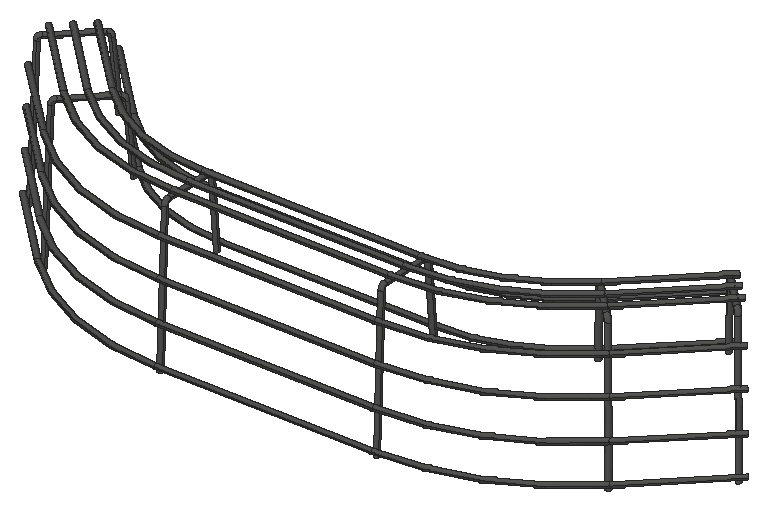
Revit family "Accessory-Sink-KOHLER-Whitby-K-8940", category Specialty Equipment, host Face, Revit 2015
Parameters
  Width = 8 7/32"  # constant formula
  URL = "https://www.us.kohler.com/us/"
  Product Page URL = "http://www.us.kohler.com/us/catalog/productDetails.jsp?productNumber=8940"
  Product Name = "Whitby"  # constant formula
  Product Documentation Link = "http://www.us.kohler.com/onlinecatalog/pdf/K-8940_spec.pdf"
  Model = "K-8940-NA"  # constant formula
  Material = "Durable Coated Wire Construction"  # constant formula
  MasterFormat 2004 = "10.28.13"  # constant formula
  MasterFormat 1995 = "10820"  # constant formula
  Manufacturer Address = "444 Highland Dr, Kohler, WI 53044"  # constant formula
  Manufacturer = "KOHLER Co."  # constant formula
  Length = 28 1/2"  # constant formula
  Height = 6 3/16"  # constant formula
  Finish = Kohler-Metal-7-Black_Black
  Environmental Product Declaration = ""
  Description = "Sink rim guard coated wire"  # constant formula
  Default Elevation = 42"
  Declare Label = ""
  Date Modified = "02/27/2018"  # constant formula
  Date Created = "02/27/2018"  # constant formula
  Copyright = "Copyright KOHLER Co."  # constant formula
  Contact Us = "https://www.us.kohler.com/us/static/contact.jsp"
  Assembly Code = "C1030200"
  ADA = no
Reference planes (in)
  plane 1 "Center (Front/Back)": y = 0
  plane 2: z = 0
  plane 3 "Center (Left/Right)": x = 0
  plane 4: y = 4.11082
  plane 5: y = -4.10793
  plane 6: x = -14.252
  plane 7: x = 14.248
  plane 8: z = 6.1875
Dimensions and locks (in)
  "Length": plane 6 to plane 7
  "Width": plane 5 to plane 4
  "Height": plane 8 to level
  aligned and locked: plane 2 to host face
  aligned and locked: level to host face
Automatic sketch dimensions
  host sketch curve to host sketch curve = 96"  (x2)
Nested families (in)
  nested 1: "K-8940" at (0, 0.05704, 5.99392), type "K-8940"
Definition of nested family "K-8940"
  Parameters (values of type "K-8940")
    Material = none
  Reference planes (in)
    plane 1 "Center (Front/Back)": y = 0
    plane 2: z = 0
    plane 3 "Center (Left/Right)": x = 0
    plane 4 "A": x = -4.23116
    plane 5 "B": x = 4.23116
    plane 6 "E": through (-11.66485, 3.93329, 48) normal (0.7071, -0.7071, 0)
    plane 7 "C": through (-5.14508, 4.79618, 48) normal (0.7071, -0.7071, 0)
    plane 8 "F": through (11.66485, 3.93329, 48) normal (0.7071, 0.7071, 0)
    plane 9 "D": through (5.14508, 4.79618, 48) normal (0.7071, 0.7071, 0)
  Forms (in)
    Sweep 1, solid, material <- "Material"
      path origin (-4.23116, 0, 0) x (0, -1, 0) y (0, 0, 1)
        loop
          line (1.14347, -2.97599) -> (1.38269, -0.23564)
          arc (1.38269, -0.23564) -> (1.4325, -0.13459) -> (1.5375, -0.09375) r 0.1554
          line (1.5375, -0.09375) -> (3.52582, -0.09375)
          arc (3.52582, -0.09375) -> (3.63423, -0.13747) -> (3.68196, -0.24418) r 0.15625
          line (3.68196, -0.24418) -> (3.89613, -5.98815)
      profile origin (-4.23116, -2.53166, -0.09375) x (0, 0, 1) y (-1, 0, 0)
        loop
          circle (0, 0) r 0.09375
    Sweep 2, solid, material <- "Material"
      path origin (4.23116, 0, 0) x (0, -1, 0) y (0, 0, 1)
        loop
          line (1.14347, -2.97599) -> (1.38269, -0.23564)
          arc (1.38269, -0.23564) -> (1.4325, -0.13459) -> (1.5375, -0.09375) r 0.1554
          line (1.5375, -0.09375) -> (3.52582, -0.09375)
          arc (3.52582, -0.09375) -> (3.63423, -0.13747) -> (3.68196, -0.24418) r 0.15625
          line (3.68196, -0.24418) -> (3.89613, -5.98815)
      profile origin (4.23116, -2.53166, -0.09375) x (0, 0, -1) y (1, 0, 0)
        loop
          circle (0, 0) r 0.09375
    Sweep 3, solid, material <- "Material"
      path origin (-4.97063, 4.97063, 0) x (0.707107, 0.707107, 0) y (0, 0, 1)
        loop
          line (-5.80682, -2.97889) -> (-6.04604, -0.23854)
          arc (-6.04604, -0.23854) -> (-6.09586, -0.13748) -> (-6.20086, -0.09665) r 0.1554
          line (-6.20086, -0.09665) -> (-8.18918, -0.09665)
          arc (-8.18918, -0.09665) -> (-8.29758, -0.14037) -> (-8.34532, -0.24707) r 0.15625
          line (-8.34532, -0.24707) -> (-8.55949, -5.99104)
      profile origin (-10.05827, -0.11702, -0.09665) x (0, 0, -1) y (0.707107, -0.707107, 0)
        loop
          circle (0, 0) r 0.09665
    Sweep 4, solid, material <- "Material"
      path origin (4.97063, 4.97063, 0) x (-0.707107, 0.707107, 0) y (0, 0, 1)
        loop
          line (-5.80676, -2.97889) -> (-6.04599, -0.23854)
          arc (-6.04599, -0.23854) -> (-6.0958, -0.13748) -> (-6.2008, -0.09665) r 0.1554
          line (-6.2008, -0.09665) -> (-8.18912, -0.09665)
          arc (-8.18912, -0.09665) -> (-8.29753, -0.14037) -> (-8.34526, -0.24707) r 0.15625
          line (-8.34526, -0.24707) -> (-8.55943, -5.99104)
      profile origin (10.05823, -0.11698, -0.09665) x (0, 0, 1) y (-0.707107, -0.707107, 0)
        loop
          circle (0, 0) r 0.09665
    Sweep 5, solid, material <- "Material"
      path origin (-7.79907, 7.79907, 0) x (0.707107, 0.707107, 0) y (0, 0, 1)
        loop
          line (-5.80682, -2.97889) -> (-6.04604, -0.23854)
          arc (-6.04604, -0.23854) -> (-6.09586, -0.13748) -> (-6.20086, -0.09665) r 0.1554
          line (-6.20086, -0.09665) -> (-8.18918, -0.09665)
          arc (-8.18918, -0.09665) -> (-8.29758, -0.14037) -> (-8.34532, -0.24707) r 0.15625
          line (-8.34532, -0.24707) -> (-8.55949, -5.99104)
      profile origin (-12.88671, 2.71142, -0.09665) x (0, 0, -1) y (0.707107, -0.707107, 0)
        loop
          circle (0, 0) r 0.09665
    Sweep 6, solid, material <- "Material"
      path origin (7.79907, 7.79907, 0) x (-0.707107, 0.707107, 0) y (0, 0, 1)
        loop
          line (-5.80676, -2.97889) -> (-6.04599, -0.23854)
          arc (-6.04599, -0.23854) -> (-6.0958, -0.13748) -> (-6.2008, -0.09665) r 0.1554
          line (-6.2008, -0.09665) -> (-8.18912, -0.09665)
          arc (-8.18912, -0.09665) -> (-8.29753, -0.14037) -> (-8.34526, -0.24707) r 0.15625
          line (-8.34526, -0.24707) -> (-8.55943, -5.99104)
      profile origin (12.88667, 2.71146, -0.09665) x (0, 0, 1) y (-0.707107, -0.707107, 0)
        loop
          circle (0, 0) r 0.09665
    Sweep 7, solid, material <- "Material"
      path origin (0, 0, 0) x (1, 0, 0) y (0, 1, 0)
        loop
          line (-12.08014, 3.87151) -> (-9.077, 0.86836)
          arc (-9.077, 0.86836) -> (-6.8486, -0.62061) -> (-4.22002, -1.14347) r 6.8688
          line (-4.22002, -1.14347) -> (4.22069, -1.14347)
          arc (4.22069, -1.14347) -> (6.84865, -0.62073) -> (9.07652, 0.86789) r 6.86719
          line (9.07652, 0.86789) -> (12.08014, 3.87151)
      profile origin (0.00033, -1.14347, 0) x (0, 1, 0) y (0, 0, 1)
        loop
          circle (0.00195, -0.85741) r 0.09295
        loop
          circle (0.16483, -2.71057) r 0.09295
    Sweep 8, solid, material <- "Material"
      path origin (0, 0, 0) x (1, 0, 0) y (0, 1, 0)
        loop
          line (-12.5385, 3.41314) -> (-9.53387, 0.40851)
          arc (-9.53387, 0.40851) -> (-7.1007, -1.21728) -> (-4.23057, -1.78819) r 7.5
          line (-4.23057, -1.78819) -> (4.23057, -1.78819)
          arc (4.23057, -1.78819) -> (7.1007, -1.21728) -> (9.53387, 0.40851) r 7.5
          line (9.53387, 0.40851) -> (12.5385, 3.41314)
      profile origin (0, -1.78819, 0) x (0, 1, 0) y (0, 0, 1)
        loop
          circle (0, 0.09337) r 0.0941
        loop
          circle (-0.75, 0.09337) r 0.0941
        loop
          circle (-1.5, 0.09337) r 0.0941
    Sweep 9, solid, material <- "Material"
      path origin (0, 0, 0) x (1, 0, 0) y (0, 1, 0)
        loop
          line (-14.04354, 1.90811) -> (-11.03366, -1.10177)
          arc (-11.03366, -1.10177) -> (-7.9151, -3.18552) -> (-4.23652, -3.91724) r 9.61261
          line (-4.23652, -3.91724) -> (4.23624, -3.91724)
          arc (4.23624, -3.91724) -> (7.91508, -3.18547) -> (11.03386, -1.10157) r 9.61328
          line (11.03386, -1.10157) -> (14.04354, 1.90811)
      profile origin (-0.00014, -3.91724, 0) x (0, 1, 0) y (0, 0, 1)
        loop
          circle (0, -1.23733) r 0.09333
        loop
          circle (-0.05111, -2.71037) r 0.09333
        loop
          circle (-0.10494, -4.23533) r 0.09333
        loop
          circle (-0.15729, -5.73442) r 0.09333
  Cuts and joins
    joined: Sweep 5, Sweep 6, Sweep 7, Sweep 8, Sweep 9
    joined: Sweep 1, Sweep 2, Sweep 3, Sweep 4
  Lines and regions (in)
    Masking region 1
      outline origin (0, 0, 0) x (0, 1, 0) y (0, 0, 1)
        loop
          spline (3.41314, -0.00073) -> (3.43037, 0.00248) -> (3.44641, 0.01188) -> (3.4602, 0.02683) -> (3.47077, 0.04632) -> (3.47742, 0.06902) -> (3.47968, 0.09337) -> (3.47742, 0.11773) -> (3.47077, 0.14042) -> (3.4602, 0.15991) -> (3.44641, 0.17487) -> (3.43037, 0.18427) -> (3.41314, 0.18747)
          line (3.41314, 0.18747) -> (-3.28856, 0.18747)
          arc (-3.28856, 0.18747) -> (-3.3823, 0.09374) -> (-3.28856, 0) r 0.09374
          line (-3.28856, 0) -> (-3.52371, 0)
          arc (-3.52371, 0) -> (-3.69834, -0.06792) -> (-3.77557, -0.23865) r 0.24792
          line (-3.77557, -0.23865) -> (-3.80933, -1.14399) -> (-3.91759, -1.14399)
          arc (-3.91759, -1.14399) -> (-4.01092, -1.23733) -> (-3.91759, -1.33066) r 0.09333
          line (-3.91759, -1.33066) -> (-3.81629, -1.33066) -> (-3.86425, -2.61704) -> (-3.96786, -2.61704)
          arc (-3.96786, -2.61704) -> (-4.06119, -2.71037) -> (-3.96786, -2.80371) r 0.09333
          line (-3.96786, -2.80371) -> (-3.87121, -2.80371) -> (-3.92111, -4.142) -> (-4.02141, -4.142)
          arc (-4.02141, -4.142) -> (-4.11475, -4.23533) -> (-4.02141, -4.32866) r 0.09333
          line (-4.02141, -4.32866) -> (-3.92807, -4.32866) -> (-3.97701, -5.64109) -> (-4.07437, -5.64109)
          arc (-4.07437, -5.64109) -> (-4.16771, -5.73442) -> (-4.07437, -5.82775) r 0.09333
          line (-4.07437, -5.82775) -> (-3.98397, -5.82775) -> (-3.98982, -5.98465) -> (-3.80245, -5.99164) -> (-3.79634, -5.82775) -> (-1.17419, -5.82775) -> (-1.17842, -5.9885)
          spline (-1.17842, -5.9885) -> (-1.17514, -5.98924) -> (-1.16551, -5.99011) -> (-1.15017, -5.99104) -> (-1.13017, -5.99198) -> (-1.10687, -5.99284) -> (-1.08187, -5.99359) -> (-1.05686, -5.99416) -> (-1.03356, -5.99452) -> (-1.01354, -5.99465) -> (-0.99817, -5.99452) -> (-0.9885, -5.99416) -> (-0.98519, -5.99359)
          line (-0.98519, -5.99359) -> (-0.98083, -5.82775) -> (1.65425, -5.82775) -> (1.65002, -5.9885)
          spline (1.65002, -5.9885) -> (1.6533, -5.98924) -> (1.66293, -5.99011) -> (1.67827, -5.99104) -> (1.69827, -5.99198) -> (1.72156, -5.99284) -> (1.74657, -5.99359) -> (1.77158, -5.99416) -> (1.79488, -5.99452) -> (1.8149, -5.99465) -> (1.83027, -5.99452) -> (1.83994, -5.99416) -> (1.84325, -5.99359)
          line (1.84325, -5.99359) -> (1.92718, -2.80352) -> (3.58541, -2.80352) -> (3.5966, -2.98485)
          spline (3.5966, -2.98485) -> (3.59998, -2.98618) -> (3.60971, -2.98701) -> (3.62511, -2.9873) -> (3.64515, -2.98701) -> (3.66845, -2.98616) -> (3.69343, -2.98482) -> (3.71838, -2.98308) -> (3.74161, -2.98105) -> (3.76153, -2.97888) -> (3.77679, -2.9767) -> (3.78634, -2.97467) -> (3.78953, -2.97294)
          line (3.78953, -2.97294) -> (3.77907, -2.80352) -> (3.98806, -2.80352)
          spline (3.98806, -2.80352) -> (4.00507, -2.80036) -> (4.02092, -2.79107) -> (4.03453, -2.7763) -> (4.04498, -2.75705) -> (4.05154, -2.73463) -> (4.05378, -2.71057) -> (4.05154, -2.68652) -> (4.04498, -2.6641) -> (4.03453, -2.64485) -> (4.02092, -2.63008) -> (4.00507, -2.62079) -> (3.98806, -2.61763)
          line (3.98806, -2.61763) -> (3.7676, -2.61763) -> (3.66468, -0.95036) -> (3.87289, -0.95036)
          spline (3.87289, -0.95036) -> (3.8899, -0.94719) -> (3.90575, -0.93791) -> (3.91936, -0.92313) -> (3.92981, -0.90388) -> (3.93637, -0.88147) -> (3.93861, -0.85741) -> (3.93637, -0.83335) -> (3.92981, -0.81094) -> (3.91936, -0.79169) -> (3.90575, -0.77691) -> (3.8899, -0.76763) -> (3.87289, -0.76446)
          line (3.87289, -0.76446) -> (3.6532, -0.76446) -> (3.61969, -0.22149)
          arc (3.61969, -0.22149) -> (3.55611, -0.07397) -> (3.41314, -0.00073) r 0.23733
        loop
          arc (-3.52579, -0.18743) -> (-3.56917, -0.20493) -> (-3.58828, -0.24764) r 0.06253
          line (-3.58828, -0.24764) -> (-3.6217, -1.14399) -> (-1.3975, -1.14399) -> (-1.47615, -0.24306)
          arc (-1.47615, -0.24306) -> (-1.49567, -0.20344) -> (-1.53683, -0.18743) r 0.06092
          line (-1.53683, -0.18743) -> (-3.52579, -0.18743)
        loop
          line (-1.09905, -2.97212) -> (-1.23686, -2.98415) -> (-1.25261, -2.80371) -> (-3.68358, -2.80371) -> (-3.73348, -4.142) -> (-1.12983, -4.142) -> (-1.09905, -2.97212)
        loop
          spline (0.96109, -2.97294) -> (0.9579, -2.97467) -> (0.94835, -2.9767) -> (0.93309, -2.97888) -> (0.91317, -2.98105) -> (0.88995, -2.98308) -> (0.86499, -2.98482) -> (0.84001, -2.98616) -> (0.81671, -2.98701) -> (0.79667, -2.9873) -> (0.78127, -2.98701) -> (0.77154, -2.98618) -> (0.76816, -2.98485)
          line (0.76816, -2.98485) -> (0.75698, -2.80371) -> (-0.90126, -2.80371) -> (-0.93647, -4.142) -> (1.6986, -4.142) -> (1.73382, -2.80371) -> (0.95064, -2.80371) -> (0.96109, -2.97294)
        loop
          arc (-0.81471, -0.19329) -> (-0.82872, -0.22028) -> (-0.83408, -0.2502) r 0.10114
          line (-0.83408, -0.2502) -> (-0.84761, -0.76446) -> (0.6311, -0.76446) -> (0.59873, -0.24007)
          arc (0.59873, -0.24007) -> (0.59355, -0.21542) -> (0.58151, -0.19329) r 0.08684
          line (0.58151, -0.19329) -> (-0.81471, -0.19329)
        loop
          line (-1.289, -0.23083) -> (-1.20929, -1.14399) -> (-1.05095, -1.14399) -> (-1.04586, -0.95036) -> (-1.1403, -0.95036)
          arc (-1.1403, -0.95036) -> (-1.23324, -0.85741) -> (-1.1403, -0.76446) r 0.09295
          line (-1.1403, -0.76446) -> (-1.04097, -0.76446) -> (-1.02728, -0.24407)
          arc (-1.02728, -0.24407) -> (-0.97626, -0.0874) -> (-0.83659, 0) r 0.24131
          line (-0.83659, 0) -> (-1.52578, 0)
          arc (-1.52578, 0) -> (-1.36454, -0.07146) -> (-1.289, -0.23083) r 0.25335
        loop
          line (1.65916, -5.64109) -> (1.69369, -4.32866) -> (-0.94139, -4.32866) -> (-0.97592, -5.64109) -> (1.65916, -5.64109)
        loop
          line (1.73873, -2.61704) -> (1.77257, -1.33066) -> (0.85971, -1.33066) -> (0.93912, -2.61704) -> (1.73873, -2.61704)
        loop
          line (1.77748, -1.14399) -> (1.78258, -0.95036) -> (0.83624, -0.95036) -> (0.84819, -1.14399) -> (1.77748, -1.14399)
        loop
          line (-3.67662, -2.61704) -> (-1.26891, -2.61704) -> (-1.3812, -1.33066) -> (-3.62866, -1.33066) -> (-3.67662, -2.61704)
        loop
          line (-3.78938, -5.64109) -> (-1.16928, -5.64109) -> (-1.13475, -4.32866) -> (-3.74044, -4.32866) -> (-3.78938, -5.64109)
        loop
          line (-1.05587, -1.33066) -> (-1.19299, -1.33066) -> (-1.08762, -2.53769) -> (-1.05587, -1.33066)
        loop
          line (-0.85759, -1.14399) -> (0.65453, -1.14399) -> (0.64258, -0.95036) -> (-0.8525, -0.95036) -> (-0.85759, -1.14399)
        loop
          line (-0.89635, -2.61704) -> (0.74546, -2.61704) -> (0.66605, -1.33066) -> (-0.86251, -1.33066) -> (-0.89635, -2.61704)
        loop
          arc (0.60582, 0) -> (0.7354, -0.08422) -> (0.79166, -0.22816) r 0.25256
          line (0.79166, -0.22816) -> (0.82476, -0.76446) -> (1.78747, -0.76446) -> (1.80097, -0.25132)
          arc (1.80097, -0.25132) -> (1.8224, -0.14567) -> (1.87855, -0.05364) r 0.31162
          arc (1.87855, -0.05364) -> (1.9305, -0.01476) -> (1.99368, 0) r 0.1582
          line (1.99368, 0) -> (0.60582, 0)
        loop
          arc (2.01384, -0.19329) -> (1.99977, -0.21957) -> (1.9944, -0.24889) r 0.09651
          line (1.9944, -0.24889) -> (1.98083, -0.76446) -> (3.45954, -0.76446) -> (3.42717, -0.24007)
          arc (3.42717, -0.24007) -> (3.42174, -0.21528) -> (3.40906, -0.19329) r 0.08278
          line (3.40906, -0.19329) -> (2.01384, -0.19329)
        loop
          line (3.47102, -0.95036) -> (1.97594, -0.95036) -> (1.93207, -2.61763) -> (3.57393, -2.61763) -> (3.47102, -0.95036)
    Masking region 2
      outline origin (0, 0, 0) x (1, 0, 0) y (0, 0, 1)
        loop
          arc (-13.59916, -0.00073) -> (-13.66261, -0.01506) -> (-13.71653, -0.05144) r 0.17618
          arc (-13.71653, -0.05144) -> (-13.77579, -0.13801) -> (-13.79843, -0.24045) r 0.27573
          line (-13.79843, -0.24045) -> (-13.82196, -1.14399) -> (-14.04354, -1.14399)
          spline (-14.04354, -1.14399) -> (-14.06062, -1.14718) -> (-14.07654, -1.1565) -> (-14.09021, -1.17133) -> (-14.10069, -1.19066) -> (-14.10729, -1.21317) -> (-14.10954, -1.23733) -> (-14.10729, -1.26148) -> (-14.10069, -1.28399) -> (-14.09021, -1.30332) -> (-14.07654, -1.31816) -> (-14.06062, -1.32748) -> (-14.04354, -1.33066)
          line (-14.04354, -1.33066) -> (-13.82683, -1.33066) -> (-13.86033, -2.61704) -> (-14.07968, -2.61704)
          spline (-14.07968, -2.61704) -> (-14.09676, -2.62022) -> (-14.11268, -2.62955) -> (-14.12635, -2.64438) -> (-14.13683, -2.66371) -> (-14.14343, -2.68622) -> (-14.14568, -2.71037) -> (-14.14343, -2.73453) -> (-14.13683, -2.75704) -> (-14.12635, -2.77637) -> (-14.11268, -2.7912) -> (-14.09676, -2.80053) -> (-14.07968, -2.80371)
          line (-14.07968, -2.80371) -> (-13.8652, -2.80371) -> (-13.90005, -4.142) -> (-14.11774, -4.142)
          spline (-14.11774, -4.142) -> (-14.13482, -4.14518) -> (-14.15074, -4.1545) -> (-14.16441, -4.16934) -> (-14.1749, -4.18867) -> (-14.18149, -4.21118) -> (-14.18374, -4.23533) -> (-14.18149, -4.25949) -> (-14.1749, -4.282) -> (-14.16441, -4.30133) -> (-14.15074, -4.31616) -> (-14.13482, -4.32548) -> (-14.11774, -4.32866)
          line (-14.11774, -4.32866) -> (-13.90492, -4.32866) -> (-13.9391, -5.64109) -> (-14.15476, -5.64109)
          spline (-14.15476, -5.64109) -> (-14.17184, -5.64427) -> (-14.18776, -5.65359) -> (-14.20142, -5.66842) -> (-14.21191, -5.68775) -> (-14.2185, -5.71026) -> (-14.22075, -5.73442) -> (-14.2185, -5.75857) -> (-14.21191, -5.78108) -> (-14.20142, -5.80041) -> (-14.18776, -5.81525) -> (-14.17184, -5.82457) -> (-14.15476, -5.82775)
          line (-14.15476, -5.82775) -> (-13.94396, -5.82775) -> (-13.94815, -5.9885)
          spline (-13.94815, -5.9885) -> (-13.94488, -5.98924) -> (-13.93524, -5.99011) -> (-13.9199, -5.99104) -> (-13.8999, -5.99198) -> (-13.87661, -5.99284) -> (-13.85161, -5.99359) -> (-13.8266, -5.99416) -> (-13.80329, -5.99452) -> (-13.78327, -5.99465) -> (-13.7679, -5.99452) -> (-13.75823, -5.99416) -> (-13.75493, -5.99359)
          line (-13.75493, -5.99359) -> (-13.75061, -5.82775) -> (-11.11553, -5.82775) -> (-11.11971, -5.9885)
          spline (-11.11971, -5.9885) -> (-11.11644, -5.98924) -> (-11.1068, -5.99011) -> (-11.09146, -5.99104) -> (-11.07146, -5.99198) -> (-11.04817, -5.99284) -> (-11.02317, -5.99359) -> (-10.99816, -5.99416) -> (-10.97485, -5.99452) -> (-10.95483, -5.99465) -> (-10.93946, -5.99452) -> (-10.9298, -5.99416) -> (-10.92649, -5.99359)
          line (-10.92649, -5.99359) -> (-10.92217, -5.82775) -> (-4.3249, -5.82775) -> (-4.3249, -5.98815)
          spline (-4.3249, -5.98815) -> (-4.32171, -5.98905) -> (-4.31234, -5.98989) -> (-4.29745, -5.99062) -> (-4.27803, -5.99117) -> (-4.25542, -5.99152) -> (-4.23116, -5.99164) -> (-4.20689, -5.99152) -> (-4.18428, -5.99117) -> (-4.16487, -5.99062) -> (-4.14997, -5.98989) -> (-4.1406, -5.98905) -> (-4.13741, -5.98815)
          line (-4.13741, -5.98815) -> (-4.13741, -5.82775) -> (4.13741, -5.82775) -> (4.13741, -5.98815)
          spline (4.13741, -5.98815) -> (4.1406, -5.98905) -> (4.14997, -5.98989) -> (4.16487, -5.99062) -> (4.18428, -5.99117) -> (4.20689, -5.99152) -> (4.23116, -5.99164) -> (4.25542, -5.99152) -> (4.27803, -5.99117) -> (4.29745, -5.99062) -> (4.31234, -5.98989) -> (4.32171, -5.98905) -> (4.3249, -5.98815)
          line (4.3249, -5.98815) -> (4.3249, -5.82775) -> (10.92217, -5.82775) -> (10.92649, -5.99359)
          spline (10.92649, -5.99359) -> (10.9298, -5.99416) -> (10.93946, -5.99452) -> (10.95483, -5.99465) -> (10.97485, -5.99452) -> (10.99816, -5.99416) -> (11.02317, -5.99359) -> (11.04817, -5.99284) -> (11.07146, -5.99198) -> (11.09146, -5.99104) -> (11.1068, -5.99011) -> (11.11644, -5.98924) -> (11.11971, -5.9885)
          line (11.11971, -5.9885) -> (11.11553, -5.82775) -> (13.75061, -5.82775) -> (13.75493, -5.99359)
          spline (13.75493, -5.99359) -> (13.75823, -5.99416) -> (13.7679, -5.99452) -> (13.78327, -5.99465) -> (13.80329, -5.99452) -> (13.8266, -5.99416) -> (13.85161, -5.99359) -> (13.87661, -5.99284) -> (13.8999, -5.99198) -> (13.9199, -5.99104) -> (13.93524, -5.99011) -> (13.94488, -5.98924) -> (13.94815, -5.9885)
          line (13.94815, -5.9885) -> (13.94396, -5.82775) -> (14.15476, -5.82775)
          spline (14.15476, -5.82775) -> (14.17184, -5.82457) -> (14.18776, -5.81525) -> (14.20142, -5.80041) -> (14.21191, -5.78108) -> (14.2185, -5.75857) -> (14.22075, -5.73442) -> (14.2185, -5.71026) -> (14.21191, -5.68775) -> (14.20142, -5.66842) -> (14.18776, -5.65359) -> (14.17184, -5.64427) -> (14.15476, -5.64109)
          line (14.15476, -5.64109) -> (13.9391, -5.64109) -> (13.90492, -4.32866) -> (14.11774, -4.32866)
          spline (14.11774, -4.32866) -> (14.13482, -4.32548) -> (14.15074, -4.31616) -> (14.16441, -4.30133) -> (14.1749, -4.282) -> (14.18149, -4.25949) -> (14.18374, -4.23533) -> (14.18149, -4.21118) -> (14.1749, -4.18867) -> (14.16441, -4.16934) -> (14.15074, -4.1545) -> (14.13482, -4.14518) -> (14.11774, -4.142)
          line (14.11774, -4.142) -> (13.90005, -4.142) -> (13.8652, -2.80371) -> (14.07968, -2.80371)
          spline (14.07968, -2.80371) -> (14.09676, -2.80053) -> (14.11268, -2.7912) -> (14.12635, -2.77637) -> (14.13683, -2.75704) -> (14.14343, -2.73453) -> (14.14568, -2.71037) -> (14.14343, -2.68622) -> (14.13683, -2.66371) -> (14.12635, -2.64438) -> (14.11268, -2.62955) -> (14.09676, -2.62022) -> (14.07968, -2.61704)
          line (14.07968, -2.61704) -> (13.86033, -2.61704) -> (13.82683, -1.33066) -> (14.04354, -1.33066)
          spline (14.04354, -1.33066) -> (14.06062, -1.32748) -> (14.07654, -1.31816) -> (14.09021, -1.30332) -> (14.10069, -1.28399) -> (14.10729, -1.26148) -> (14.10954, -1.23733) -> (14.10729, -1.21317) -> (14.10069, -1.19066) -> (14.09021, -1.17133) -> (14.07654, -1.1565) -> (14.06062, -1.14718) -> (14.04354, -1.14399)
          line (14.04354, -1.14399) -> (13.82196, -1.14399) -> (13.79843, -0.24045)
          arc (13.79843, -0.24045) -> (13.77579, -0.13801) -> (13.71653, -0.05144) r 0.27573
          arc (13.71653, -0.05144) -> (13.66261, -0.01506) -> (13.59916, -0.00073) r 0.17618
          spline (13.59916, -0.00073) -> (13.61639, 0.00248) -> (13.63243, 0.01188) -> (13.64622, 0.02683) -> (13.65679, 0.04632) -> (13.66344, 0.06902) -> (13.6657, 0.09337) -> (13.66344, 0.11773) -> (13.65679, 0.14042) -> (13.64622, 0.15991) -> (13.63243, 0.17487) -> (13.61639, 0.18427) -> (13.59916, 0.18747)
          line (13.59916, 0.18747) -> (-13.59916, 0.18747)
          spline (-13.59916, 0.18747) -> (-13.61639, 0.18427) -> (-13.63243, 0.17487) -> (-13.64622, 0.15991) -> (-13.65679, 0.14042) -> (-13.66344, 0.11773) -> (-13.6657, 0.09337) -> (-13.66344, 0.06902) -> (-13.65679, 0.04632) -> (-13.64622, 0.02683) -> (-13.63243, 0.01188) -> (-13.61639, 0.00248) -> (-13.59916, -0.00073)
        loop
          spline (-11.80865, -2.97294) -> (-11.81184, -2.97467) -> (-11.82139, -2.9767) -> (-11.83664, -2.97888) -> (-11.85656, -2.98105) -> (-11.87979, -2.98308) -> (-11.90474, -2.98482) -> (-11.92972, -2.98616) -> (-11.95302, -2.98701) -> (-11.97306, -2.9873) -> (-11.98847, -2.98701) -> (-11.99819, -2.98618) -> (-12.00157, -2.98485)
          line (-12.00157, -2.98485) -> (-12.01275, -2.80371) -> (-13.67184, -2.80371) -> (-13.7067, -4.142) -> (-11.07162, -4.142) -> (-11.03676, -2.80371) -> (-11.81909, -2.80371) -> (-11.80865, -2.97294)
        loop
          spline (-8.98021, -2.97294) -> (-8.9834, -2.97467) -> (-8.99295, -2.9767) -> (-9.0082, -2.97888) -> (-9.02812, -2.98105) -> (-9.05135, -2.98308) -> (-9.0763, -2.98482) -> (-9.10128, -2.98616) -> (-9.12459, -2.98701) -> (-9.14462, -2.9873) -> (-9.16003, -2.98701) -> (-9.16975, -2.98618) -> (-9.17313, -2.98485)
          line (-9.17313, -2.98485) -> (-9.18432, -2.80371) -> (-10.8434, -2.80371) -> (-10.87826, -4.142) -> (-4.3249, -4.142) -> (-4.3249, -2.80371) -> (-8.99065, -2.80371) -> (-8.98021, -2.97294)
        loop
          arc (-13.58387, -0.19284) -> (-13.59949, -0.22235) -> (-13.60545, -0.25521) r 0.10913
          line (-13.60545, -0.25521) -> (-13.6286, -1.14399) -> (-12.1152, -1.14399) -> (-12.17067, -0.24547)
          arc (-12.17067, -0.24547) -> (-12.17635, -0.21782) -> (-12.1895, -0.19284) r 0.10046
          line (-12.1895, -0.19284) -> (-13.58387, -0.19284)
        loop
          line (-11.9793, -0.20831) -> (-11.94497, -0.76446) -> (-10.98364, -0.76446) -> (-10.97028, -0.25153)
          arc (-10.97028, -0.25153) -> (-10.95163, -0.15316) -> (-10.90277, -0.06578) r 0.31176
          arc (-10.90277, -0.06578) -> (-10.84893, -0.02055) -> (-10.78168, 0) r 0.17607
          line (-10.78168, 0) -> (-12.17553, 0)
          arc (-12.17553, 0) -> (-12.12393, -0.00986) -> (-12.07711, -0.03367) r 0.18705
          arc (-12.07711, -0.03367) -> (-12.00827, -0.10982) -> (-11.9793, -0.20831) r 0.23062
        loop
          line (-10.77725, -0.26437) -> (-10.79028, -0.76446) -> (-9.31019, -0.76446) -> (-9.34256, -0.24007)
          arc (-9.34256, -0.24007) -> (-9.34768, -0.2152) -> (-9.35953, -0.19274) r 0.09015
          line (-9.35953, -0.19274) -> (-10.75758, -0.19274)
          arc (-10.75758, -0.19274) -> (-10.77177, -0.22736) -> (-10.77725, -0.26437) r 0.15503
        loop
          line (-9.15095, -0.20696) -> (-9.11653, -0.76446) -> (-4.3249, -0.76446) -> (-4.3249, -0.09783)
          arc (-4.3249, -0.09783) -> (-4.23116, -0.00408) -> (-4.13741, -0.09783) r 0.09375
          line (-4.13741, -0.09783) -> (-4.13741, -0.76446) -> (4.13741, -0.76446) -> (4.13741, -0.09783)
          arc (4.13741, -0.09783) -> (4.23116, -0.00408) -> (4.3249, -0.09783) r 0.09375
          line (4.3249, -0.09783) -> (4.3249, -0.76446) -> (9.11653, -0.76446) -> (9.15095, -0.20696)
          arc (9.15095, -0.20696) -> (9.20577, -0.073) -> (9.33075, 0) r 0.22542
          line (9.33075, 0) -> (-9.33075, 0)
          arc (-9.33075, 0) -> (-9.20577, -0.073) -> (-9.15095, -0.20696) r 0.22542
        loop
          line (-11.9335, -0.95036) -> (-11.92154, -1.14399) -> (-10.99352, -1.14399) -> (-10.98848, -0.95036) -> (-11.9335, -0.95036)
        loop
          line (-13.63347, -1.33066) -> (-13.66697, -2.61704) -> (-12.02428, -2.61704) -> (-12.10368, -1.33066) -> (-13.63347, -1.33066)
        loop
          line (-13.71156, -4.32866) -> (-13.74574, -5.64109) -> (-11.11066, -5.64109) -> (-11.07648, -4.32866) -> (-13.71156, -4.32866)
        loop
          line (-10.9173, -5.64109) -> (-4.3249, -5.64109) -> (-4.3249, -4.32866) -> (-10.88312, -4.32866) -> (-10.9173, -5.64109)
        loop
          line (-10.83854, -2.61704) -> (-9.19584, -2.61704) -> (-9.27524, -1.33066) -> (-10.80503, -1.33066) -> (-10.83854, -2.61704)
        loop
          line (-11.03189, -2.61704) -> (-10.99839, -1.33066) -> (-11.91002, -1.33066) -> (-11.83061, -2.61704) -> (-11.03189, -2.61704)
        loop
          line (-10.79512, -0.95036) -> (-10.80017, -1.14399) -> (-9.28677, -1.14399) -> (-9.29872, -0.95036) -> (-10.79512, -0.95036)
        loop
          line (-9.10506, -0.95036) -> (-9.0931, -1.14399) -> (-4.3249, -1.14399) -> (-4.3249, -0.95036) -> (-9.10506, -0.95036)
        loop
          line (-9.08158, -1.33066) -> (-9.00218, -2.61704) -> (-4.3249, -2.61704) -> (-4.3249, -1.33066) -> (-9.08158, -1.33066)
        loop
          line (-4.13741, -5.64109) -> (4.13741, -5.64109) -> (4.13741, -4.32866) -> (-4.13741, -4.32866) -> (-4.13741, -5.64109)
        loop
          line (-4.13741, -4.142) -> (4.13741, -4.142) -> (4.13741, -2.80371) -> (-4.13741, -2.80371) -> (-4.13741, -4.142)
        loop
          line (-4.13741, -2.61704) -> (4.13741, -2.61704) -> (4.13741, -1.33066) -> (-4.13741, -1.33066) -> (-4.13741, -2.61704)
        loop
          line (-4.13741, -1.14399) -> (4.13741, -1.14399) -> (4.13741, -0.95036) -> (-4.13741, -0.95036) -> (-4.13741, -1.14399)
        loop
          line (11.80865, -2.97294) -> (11.81909, -2.80371) -> (11.03676, -2.80371) -> (11.07162, -4.142) -> (13.7067, -4.142) -> (13.67184, -2.80371) -> (12.01275, -2.80371) -> (12.00157, -2.98485)
          spline (12.00157, -2.98485) -> (11.99819, -2.98618) -> (11.98847, -2.98701) -> (11.97306, -2.9873) -> (11.95302, -2.98701) -> (11.92972, -2.98616) -> (11.90474, -2.98482) -> (11.87979, -2.98308) -> (11.85656, -2.98105) -> (11.83664, -2.97888) -> (11.82139, -2.9767) -> (11.81184, -2.97467) -> (11.80865, -2.97294)
        loop
          line (8.98021, -2.97294) -> (8.99065, -2.80371) -> (4.3249, -2.80371) -> (4.3249, -4.142) -> (10.87826, -4.142) -> (10.8434, -2.80371) -> (9.18432, -2.80371) -> (9.17313, -2.98485)
          spline (9.17313, -2.98485) -> (9.16975, -2.98618) -> (9.16003, -2.98701) -> (9.14462, -2.9873) -> (9.12459, -2.98701) -> (9.10128, -2.98616) -> (9.0763, -2.98482) -> (9.05135, -2.98308) -> (9.02812, -2.98105) -> (9.0082, -2.97888) -> (8.99295, -2.9767) -> (8.9834, -2.97467) -> (8.98021, -2.97294)
        loop
          line (13.58387, -0.19284) -> (12.1895, -0.19284)
          arc (12.1895, -0.19284) -> (12.17635, -0.21782) -> (12.17067, -0.24547) r 0.10046
          line (12.17067, -0.24547) -> (12.1152, -1.14399) -> (13.6286, -1.14399) -> (13.60545, -0.25521)
          arc (13.60545, -0.25521) -> (13.59949, -0.22235) -> (13.58387, -0.19284) r 0.10913
        loop
          arc (11.9793, -0.20831) -> (12.00827, -0.10982) -> (12.07711, -0.03367) r 0.23062
          arc (12.07711, -0.03367) -> (12.12393, -0.00986) -> (12.17553, 0) r 0.18705
          line (12.17553, 0) -> (10.78168, 0)
          arc (10.78168, 0) -> (10.84893, -0.02055) -> (10.90277, -0.06578) r 0.17607
          arc (10.90277, -0.06578) -> (10.95163, -0.15316) -> (10.97028, -0.25153) r 0.31176
          line (10.97028, -0.25153) -> (10.98364, -0.76446) -> (11.94497, -0.76446) -> (11.9793, -0.20831)
        loop
          arc (10.77725, -0.26437) -> (10.77177, -0.22736) -> (10.75758, -0.19274) r 0.15503
          line (10.75758, -0.19274) -> (9.35953, -0.19274)
          arc (9.35953, -0.19274) -> (9.34768, -0.2152) -> (9.34256, -0.24007) r 0.09015
          line (9.34256, -0.24007) -> (9.31019, -0.76446) -> (10.79028, -0.76446) -> (10.77725, -0.26437)
        loop
          line (11.9335, -0.95036) -> (10.98848, -0.95036) -> (10.99352, -1.14399) -> (11.92154, -1.14399) -> (11.9335, -0.95036)
        loop
          line (13.63347, -1.33066) -> (12.10368, -1.33066) -> (12.02428, -2.61704) -> (13.66697, -2.61704) -> (13.63347, -1.33066)
        loop
          line (13.71156, -4.32866) -> (11.07648, -4.32866) -> (11.11066, -5.64109) -> (13.74574, -5.64109) -> (13.71156, -4.32866)
        loop
          line (10.9173, -5.64109) -> (10.88312, -4.32866) -> (4.3249, -4.32866) -> (4.3249, -5.64109) -> (10.9173, -5.64109)
        loop
          line (10.83854, -2.61704) -> (10.80503, -1.33066) -> (9.27524, -1.33066) -> (9.19584, -2.61704) -> (10.83854, -2.61704)
        loop
          line (11.03189, -2.61704) -> (11.83061, -2.61704) -> (11.91002, -1.33066) -> (10.99839, -1.33066) -> (11.03189, -2.61704)
        loop
          line (10.79512, -0.95036) -> (9.29872, -0.95036) -> (9.28677, -1.14399) -> (10.80017, -1.14399) -> (10.79512, -0.95036)
        loop
          line (9.10506, -0.95036) -> (4.3249, -0.95036) -> (4.3249, -1.14399) -> (9.0931, -1.14399) -> (9.10506, -0.95036)
        loop
          line (9.08158, -1.33066) -> (4.3249, -1.33066) -> (4.3249, -2.61704) -> (9.00218, -2.61704) -> (9.08158, -1.33066)
    Masking region 3
      outline origin (0, 0, 0) x (1, 0, 0) y (0, 1, 0)
        loop
          line (-12.14449, 3.80716) -> (-12.03607, 3.69874) -> (-12.36355, 3.37127) -> (-12.47196, 3.47968) -> (-12.60504, 3.3466) -> (-12.49663, 3.23819) -> (-12.89388, 2.84094) -> (-13.00229, 2.94935) -> (-13.13537, 2.81627) -> (-13.02696, 2.70786) -> (-13.42421, 2.31061) -> (-13.53262, 2.41902) -> (-13.6657, 2.28594) -> (-13.55729, 2.17753) -> (-13.86912, 1.86569) -> (-13.97754, 1.97411) -> (-14.22075, 1.7309) -> (-11.21478, -1.27508)
          arc (-11.21478, -1.27508) -> (-8.01061, -3.41603) -> (-4.23104, -4.16784) r 9.87649
          line (-4.23104, -4.16784) -> (4.23104, -4.16784)
          arc (4.23104, -4.16784) -> (8.01061, -3.41603) -> (11.21478, -1.27508) r 9.87649
          line (11.21478, -1.27508) -> (14.22075, 1.7309) -> (13.97754, 1.97411) -> (13.86912, 1.86569) -> (13.55729, 2.17753) -> (13.6657, 2.28594) -> (13.53262, 2.41902) -> (13.42421, 2.31061) -> (13.02696, 2.70786) -> (13.13537, 2.81627) -> (13.00229, 2.94935) -> (12.89388, 2.84094) -> (12.49663, 3.23819) -> (12.60504, 3.3466) -> (12.47196, 3.47968) -> (12.36355, 3.37127) -> (12.03607, 3.69874) -> (12.14449, 3.80716) -> (11.89787, 4.05378) -> (8.86224, 1.01815)
          arc (8.86224, 1.01815) -> (6.75349, -0.39087) -> (4.26604, -0.88565) r 6.5
          line (4.26604, -0.88565) -> (-4.26604, -0.88565)
          arc (-4.26604, -0.88565) -> (-6.75349, -0.39087) -> (-8.86224, 1.01815) r 6.5
          line (-8.86224, 1.01815) -> (-11.89787, 4.05378) -> (-12.14449, 3.80716)
        loop
          line (-11.89939, 3.56207) -> (-12.22687, 3.23459) -> (-9.53511, 0.54283) -> (-9.20763, 0.87031) -> (-11.89939, 3.56207)
        loop
          line (-9.07045, 0.73412) -> (-9.39807, 0.40651)
          arc (-9.39807, 0.40651) -> (-7.06404, -1.13286) -> (-4.3249, -1.69365) r 7.38102
          line (-4.3249, -1.69365) -> (-4.3249, -1.23406)
          arc (-4.3249, -1.23406) -> (-6.88593, -0.70387) -> (-9.07045, 0.73412) r 6.95975
        loop
          line (-4.13741, -1.23486) -> (-4.13741, -1.69413) -> (4.13741, -1.69413) -> (4.13741, -1.23486) -> (-4.13741, -1.23486)
        loop
          line (-4.13741, -1.88266) -> (-4.13741, -2.44332) -> (4.13741, -2.44332) -> (4.13741, -1.88266) -> (-4.13741, -1.88266)
        loop
          line (-4.13741, -2.63142) -> (-4.13741, -3.19513) -> (4.13741, -3.19513) -> (4.13741, -2.63142) -> (-4.13741, -2.63142)
        loop
          line (-4.13741, -3.38156) -> (-4.13741, -3.82444) -> (4.13741, -3.82444) -> (4.13741, -3.38156) -> (-4.13741, -3.38156)
        loop
          line (-9.53135, 0.27323) -> (-9.92825, -0.12367)
          arc (-9.92825, -0.12367) -> (-7.34942, -1.82163) -> (-4.3249, -2.44267) r 8.17967
          line (-4.3249, -2.44267) -> (-4.3249, -1.88245)
          arc (-4.3249, -1.88245) -> (-7.13828, -1.31218) -> (-9.53135, 0.27323) r 7.5
        loop
          line (-10.06169, -0.25711) -> (-10.45837, -0.6538)
          arc (-10.45837, -0.6538) -> (-7.63443, -2.51016) -> (-4.3249, -3.19412) r 9
          line (-4.3249, -3.19412) -> (-4.3249, -2.63124)
          arc (-4.3249, -2.63124) -> (-7.42515, -2.00442) -> (-10.06169, -0.25711) r 8.25
        loop
          line (-10.59185, -0.78727) -> (-10.9038, -1.09922)
          arc (-10.9038, -1.09922) -> (-7.87981, -3.10259) -> (-4.3249, -3.82415) r 9.48391
          line (-4.3249, -3.82415) -> (-4.3249, -3.38116)
          arc (-4.3249, -3.38116) -> (-7.70979, -2.69164) -> (-10.59185, -0.78727) r 9.0758
        loop
          line (-12.35995, 3.10151) -> (-12.7572, 2.70426) -> (-10.06544, 0.0125) -> (-9.66819, 0.40975) -> (-12.35995, 3.10151)
        loop
          line (-12.89028, 2.57118) -> (-13.28753, 2.17393) -> (-10.59577, -0.51783) -> (-10.19852, -0.12058) -> (-12.89028, 2.57118)
        loop
          line (-13.42061, 2.04085) -> (-13.73245, 1.72901) -> (-11.04069, -0.96275) -> (-10.72885, -0.65091) -> (-13.42061, 2.04085)
        loop
          line (11.89939, 3.56207) -> (9.20763, 0.87031) -> (9.53511, 0.54283) -> (12.22687, 3.23459) -> (11.89939, 3.56207)
        loop
          arc (9.07045, 0.73412) -> (6.88593, -0.70387) -> (4.3249, -1.23406) r 6.95975
          line (4.3249, -1.23406) -> (4.3249, -1.69365)
          arc (4.3249, -1.69365) -> (7.06404, -1.13286) -> (9.39807, 0.40651) r 7.38102
          line (9.39807, 0.40651) -> (9.07045, 0.73412)
        loop
          arc (9.53135, 0.27323) -> (7.13828, -1.31218) -> (4.3249, -1.88245) r 7.5
          line (4.3249, -1.88245) -> (4.3249, -2.44267)
          arc (4.3249, -2.44267) -> (7.34942, -1.82163) -> (9.92825, -0.12367) r 8.17967
          line (9.92825, -0.12367) -> (9.53135, 0.27323)
        loop
          arc (10.06169, -0.25711) -> (7.42515, -2.00442) -> (4.3249, -2.63124) r 8.25
          line (4.3249, -2.63124) -> (4.3249, -3.19412)
          arc (4.3249, -3.19412) -> (7.63443, -2.51016) -> (10.45837, -0.6538) r 9
          line (10.45837, -0.6538) -> (10.06169, -0.25711)
        loop
          arc (10.59185, -0.78727) -> (7.70979, -2.69164) -> (4.3249, -3.38116) r 9.0758
          line (4.3249, -3.38116) -> (4.3249, -3.82415)
          arc (4.3249, -3.82415) -> (7.87981, -3.10259) -> (10.9038, -1.09922) r 9.48391
          line (10.9038, -1.09922) -> (10.59185, -0.78727)
        loop
          line (12.35995, 3.10151) -> (9.66819, 0.40975) -> (10.06544, 0.0125) -> (12.7572, 2.70426) -> (12.35995, 3.10151)
        loop
          line (12.89028, 2.57118) -> (10.19852, -0.12058) -> (10.59577, -0.51783) -> (13.28753, 2.17393) -> (12.89028, 2.57118)
        loop
          line (13.42061, 2.04085) -> (10.72885, -0.65091) -> (11.04069, -0.96275) -> (13.73245, 1.72901) -> (13.42061, 2.04085)
    symbolic lines, detail levels medium+fine
      curve 1: line (0, -3.28856, 0) -> (0, 3.42142, 0)
      curve 2: line (0, -3.80933, -1.14399) -> (0, -3.6217, -1.14399)
      curve 3: line (0, -3.81629, -1.33066) -> (0, -3.62866, -1.33066)
      curve 4: line (0, -1.3975, -1.14399) -> (0, -1.20929, -1.14399)
      curve 5: line (0, -1.05095, -1.14399) -> (0, -0.85759, -1.14399)
      curve 6: line (0, -1.3812, -1.33066) -> (0, -1.19299, -1.33066)
      curve 7: line (0, -1.05587, -1.33066) -> (0, -0.86251, -1.33066)
      curve 8: line (0, 0.65453, -1.14399) -> (0, 0.84819, -1.14399)
      curve 9: line (0, 0.66605, -1.33066) -> (0, 0.85971, -1.33066)
      curve 10: line (0, 1.77748, -1.14399) -> (0, 1.88554, -1.14399)
      curve 11: line (0, 1.77257, -1.33066) -> (0, 1.88554, -1.33066)
      curve 12: line (0, -3.86425, -2.61704) -> (0, -3.67662, -2.61704)
      curve 13: line (0, -3.87121, -2.80371) -> (0, -3.68358, -2.80371)
      curve 14: line (0, -3.92111, -4.142) -> (0, -3.73348, -4.142)
      curve 15: line (0, -3.92807, -4.32866) -> (0, -3.74044, -4.32866)
      curve 16: line (0, -3.97701, -5.64109) -> (0, -3.78938, -5.64109)
      curve 17: line (0, -3.98397, -5.82775) -> (0, -3.79634, -5.82775)
      curve 18: line (0, -1.12983, -4.142) -> (0, -0.93647, -4.142)
      curve 19: line (0, -1.13475, -4.32866) -> (0, -0.94139, -4.32866)
      curve 20: line (0, -1.16928, -5.64109) -> (0, -0.97592, -5.64109)
      curve 21: line (0, -1.17419, -5.82775) -> (0, -0.98083, -5.82775)
      curve 22: line (0, -1.26891, -2.61704) -> (0, -0.89635, -2.61704)
      curve 23: line (0, -1.08762, -2.53769) -> (0, -1.08762, -2.61704)
      curve 24: line (0, -1.25261, -2.80371) -> (0, -0.90126, -2.80371)
      curve 25: line (0, -1.09905, -2.97212) -> (0, -1.09905, -2.80371)
      curve 26: line (0, 0.74546, -2.61704) -> (0, 0.93912, -2.61704)
      curve 27: line (0, 0.75698, -2.80371) -> (0, 0.95064, -2.80371)
      curve 28: line (0, 0.6311, -0.76446) -> (0, 0.64258, -0.95036)
      curve 29: line (0, 0.82476, -0.76446) -> (0, 0.83624, -0.95036)
      curve 30: line (0, -1.04097, -0.76446) -> (0, -1.04586, -0.95036)
      curve 31: line (0, -0.84761, -0.76446) -> (0, -0.8525, -0.95036)
      curve 32: line (0, 1.78747, -0.76446) -> (0, 1.78258, -0.95036)
      curve 33: line (0, 1.98083, -0.76446) -> (0, 1.97594, -0.95036)
      curve 34: line (0, 3.57393, -2.61763) -> (0, 3.58541, -2.80352)
      curve 35: line (0, 3.7676, -2.61763) -> (0, 3.77907, -2.80352)
      curve 36: line (0, 3.45954, -0.76446) -> (0, 3.47102, -0.95036)
      curve 37: line (0, 3.6532, -0.76446) -> (0, 3.66468, -0.95036)
      curve 38: spline (0, 1.97411, -1.23733) -> (0, 1.96648, -1.19378) -> (0, 1.94537, -1.16029) -> (0, 1.91565, -1.14461) -> (0, 1.88419, -1.15034) -> (0, 1.85825, -1.17618) -> (0, 1.84384, -1.21614) -> (0, 1.84427, -1.261) -> (0, 1.85946, -1.30039) -> (0, 1.88588, -1.32521) -> (0, 1.91744, -1.32972) -> (0, 1.94685, -1.31289) -> (0, 1.9673, -1.2786)
      curve 39: spline (0, 1.87197, -2.80371) -> (0, 1.88905, -2.80053) -> (0, 1.90497, -2.7912) -> (0, 1.91864, -2.77637) -> (0, 1.92912, -2.75704) -> (0, 1.93572, -2.73453) -> (0, 1.93796, -2.71037) -> (0, 1.93572, -2.68622) -> (0, 1.92912, -2.66371) -> (0, 1.91864, -2.64438) -> (0, 1.90497, -2.62955) -> (0, 1.88905, -2.62022) -> (0, 1.87197, -2.61704) -> (0, 1.85489, -2.62022) -> (0, 1.83897, -2.62955) -> (0, 1.8253, -2.64438) -> (0, 1.81481, -2.66371) -> (0, 1.80822, -2.68622) -> (0, 1.80597, -2.71037) -> (0, 1.80822, -2.73453) -> (0, 1.81481, -2.75704) -> (0, 1.8253, -2.77637) -> (0, 1.83897, -2.7912) -> (0, 1.85489, -2.80053) -> (0, 1.87197, -2.80371)
      curve 40: spline (0, 1.79689, -5.82775) -> (0, 1.81397, -5.82457) -> (0, 1.82989, -5.81525) -> (0, 1.84356, -5.80041) -> (0, 1.85405, -5.78108) -> (0, 1.86064, -5.75857) -> (0, 1.86289, -5.73442) -> (0, 1.86064, -5.71026) -> (0, 1.85405, -5.68775) -> (0, 1.84356, -5.66842) -> (0, 1.82989, -5.65359) -> (0, 1.81397, -5.64427) -> (0, 1.79689, -5.64109) -> (0, 1.77981, -5.64427) -> (0, 1.76389, -5.65359) -> (0, 1.75023, -5.66842) -> (0, 1.73974, -5.68775) -> (0, 1.73314, -5.71026) -> (0, 1.7309, -5.73442) -> (0, 1.73314, -5.75857) -> (0, 1.73974, -5.78108) -> (0, 1.75023, -5.80041) -> (0, 1.76389, -5.81525) -> (0, 1.77981, -5.82457) -> (0, 1.79689, -5.82775)
      curve 41: spline (0, 1.83391, -4.32866) -> (0, 1.85099, -4.32548) -> (0, 1.86691, -4.31616) -> (0, 1.88057, -4.30133) -> (0, 1.89106, -4.282) -> (0, 1.89766, -4.25949) -> (0, 1.8999, -4.23533) -> (0, 1.89766, -4.21118) -> (0, 1.89106, -4.18867) -> (0, 1.88057, -4.16934) -> (0, 1.86691, -4.1545) -> (0, 1.85099, -4.14518) -> (0, 1.83391, -4.142) -> (0, 1.81683, -4.14518) -> (0, 1.80091, -4.1545) -> (0, 1.78724, -4.16934) -> (0, 1.77675, -4.18867) -> (0, 1.77016, -4.21118) -> (0, 1.76791, -4.23533) -> (0, 1.77016, -4.25949) -> (0, 1.77675, -4.282) -> (0, 1.78724, -4.30133) -> (0, 1.80091, -4.31616) -> (0, 1.81683, -4.32548) -> (0, 1.83391, -4.32866)
      curve 42: spline (0, 3.87289, -0.76446) -> (0, 3.85588, -0.76763) -> (0, 3.84003, -0.77691) -> (0, 3.82641, -0.79169) -> (0, 3.81597, -0.81094) -> (0, 3.8094, -0.83335) -> (0, 3.80716, -0.85741) -> (0, 3.8094, -0.88147) -> (0, 3.81597, -0.90388) -> (0, 3.82641, -0.92313) -> (0, 3.84003, -0.93791) -> (0, 3.85588, -0.94719) -> (0, 3.87289, -0.95036)
      curve 43: spline (0, 3.99919, -2.61897) -> (0, 3.98019, -2.61829) -> (0, 3.96185, -2.62533) -> (0, 3.9457, -2.6395) -> (0, 3.93309, -2.65961) -> (0, 3.92508, -2.68398) -> (0, 3.92233, -2.71057) -> (0, 3.92508, -2.73717) -> (0, 3.93309, -2.76154) -> (0, 3.9457, -2.78165) -> (0, 3.96185, -2.79582) -> (0, 3.98019, -2.80285) -> (0, 3.99919, -2.80218)
      curve 44: spline (0, 3.41314, 0.18747) -> (0, 3.39659, 0.18452) -> (0, 3.38108, 0.17583) -> (0, 3.36758, 0.16195) -> (0, 3.35695, 0.14377) -> (0, 3.34985, 0.12241) -> (0, 3.34673, 0.09923) -> (0, 3.34779, 0.07568) -> (0, 3.35296, 0.05325) -> (0, 3.36191, 0.03333) -> (0, 3.37408, 0.01719) -> (0, 3.38871, 0.00585) -> (0, 3.40487, 0)
      curve 45: spline (0, 2.88281, -0.00073) -> (0, 2.90004, 0.00248) -> (0, 2.91608, 0.01188) -> (0, 2.92987, 0.02683) -> (0, 2.94044, 0.04632) -> (0, 2.94709, 0.06902) -> (0, 2.94935, 0.09337) -> (0, 2.94709, 0.11773) -> (0, 2.94044, 0.14042) -> (0, 2.92987, 0.15991) -> (0, 2.91608, 0.17487) -> (0, 2.90004, 0.18427) -> (0, 2.88281, 0.18747) -> (0, 2.86559, 0.18427) -> (0, 2.84954, 0.17487) -> (0, 2.83576, 0.15991) -> (0, 2.82519, 0.14042) -> (0, 2.81854, 0.11773) -> (0, 2.81627, 0.09337) -> (0, 2.81854, 0.06902) -> (0, 2.82519, 0.04632) -> (0, 2.83576, 0.02683) -> (0, 2.84954, 0.01188) -> (0, 2.86559, 0.00248) -> (0, 2.88281, -0.00073)
      curve 46: spline (0, 2.35248, -0.00073) -> (0, 2.36971, 0.00248) -> (0, 2.38575, 0.01188) -> (0, 2.39954, 0.02683) -> (0, 2.41011, 0.04632) -> (0, 2.41676, 0.06902) -> (0, 2.41902, 0.09337) -> (0, 2.41676, 0.11773) -> (0, 2.41011, 0.14042) -> (0, 2.39954, 0.15991) -> (0, 2.38575, 0.17487) -> (0, 2.36971, 0.18427) -> (0, 2.35248, 0.18747) -> (0, 2.33526, 0.18427) -> (0, 2.31921, 0.17487) -> (0, 2.30543, 0.15991) -> (0, 2.29486, 0.14042) -> (0, 2.28821, 0.11773) -> (0, 2.28594, 0.09337) -> (0, 2.28821, 0.06902) -> (0, 2.29486, 0.04632) -> (0, 2.30543, 0.02683) -> (0, 2.31921, 0.01188) -> (0, 2.33526, 0.00248) -> (0, 2.35248, -0.00073)
      curve 47: line (0, 1.65916, -5.64109) -> (0, 1.79689, -5.64109)
      curve 48: line (0, 1.65425, -5.82775) -> (0, 1.79689, -5.82775)
      curve 49: line (0, 1.6986, -4.142) -> (0, 1.83391, -4.142)
      curve 50: line (0, 1.69369, -4.32866) -> (0, 1.83391, -4.32866)
      curve 51: line (0, 1.73873, -2.61704) -> (0, 1.87197, -2.61704)
      curve 52: line (0, 1.73382, -2.80371) -> (0, 1.87197, -2.80371)
      curve 53: line (0, 1.93207, -2.61763) -> (0, 1.93207, -2.6701)
      curve 54: line (0, 1.92718, -2.80352) -> (0, 1.93189, -2.74969)
      curve 55: line (-13.59916, 0, -0.00073) -> (13.60757, 0, -0.00073)
      curve 56: line (-11.94497, 0, -0.76446) -> (-11.9335, 0, -0.95036)
      curve 57: line (-10.98364, 0, -0.76446) -> (-10.98848, 0, -0.95036)
      curve 58: line (-10.79028, 0, -0.76446) -> (-10.79512, 0, -0.95036)
      curve 59: line (-9.31019, 0, -0.76446) -> (-9.29872, 0, -0.95036)
      curve 60: line (-9.11653, 0, -0.76446) -> (-9.10506, 0, -0.95036)
      curve 61: line (-13.82196, 0, -1.14399) -> (-13.6286, 0, -1.14399)
      curve 62: line (-12.1152, 0, -1.14399) -> (-11.92154, 0, -1.14399)
      curve 63: line (-13.82683, 0, -1.33066) -> (-13.63347, 0, -1.33066)
      curve 64: line (-12.10368, 0, -1.33066) -> (-11.91002, 0, -1.33066)
      curve 65: line (-10.99352, 0, -1.14399) -> (-10.80017, 0, -1.14399)
      curve 66: line (-10.99839, 0, -1.33066) -> (-10.80503, 0, -1.33066)
      curve 67: line (-9.28677, 0, -1.14399) -> (-9.0931, 0, -1.14399)
      curve 68: line (-9.27524, 0, -1.33066) -> (-9.08158, 0, -1.33066)
      curve 69: line (-13.86033, 0, -2.61704) -> (-13.66697, 0, -2.61704)
      curve 70: line (-13.8652, 0, -2.80371) -> (-13.67184, 0, -2.80371)
      curve 71: line (-13.90005, 0, -4.142) -> (-13.7067, 0, -4.142)
      curve 72: line (-13.90492, 0, -4.32866) -> (-13.71156, 0, -4.32866)
      curve 73: line (-13.9391, 0, -5.64109) -> (-13.74574, 0, -5.64109)
      curve 74: line (-13.94396, 0, -5.82775) -> (-13.75061, 0, -5.82775)
      curve 75: line (-11.07162, 0, -4.142) -> (-10.87826, 0, -4.142)
      curve 76: line (-11.03189, 0, -2.61704) -> (-10.83854, 0, -2.61704)
      curve 77: line (-11.03676, 0, -2.80371) -> (-10.8434, 0, -2.80371)
      curve 78: line (-12.02428, 0, -2.61704) -> (-11.83061, 0, -2.61704)
      curve 79: line (-12.01275, 0, -2.80371) -> (-11.81909, 0, -2.80371)
      curve 80: line (-11.07648, 0, -4.32866) -> (-10.88312, 0, -4.32866)
      curve 81: line (-11.11066, 0, -5.64109) -> (-10.9173, 0, -5.64109)
      curve 82: line (-11.11553, 0, -5.82775) -> (-10.92217, 0, -5.82775)
      curve 83: line (-9.19584, 0, -2.61704) -> (-9.00218, 0, -2.61704)
      curve 84: line (-9.18432, 0, -2.80371) -> (-8.99065, 0, -2.80371)
      curve 85: line (-4.3249, 0, -0.76446) -> (-4.3249, 0, -0.95036)
      curve 86: line (-4.13741, 0, -0.76446) -> (-4.13741, 0, -0.95036)
      curve 87: line (-4.3249, 0, -1.14399) -> (-4.13741, 0, -1.14399)
      curve 88: line (-4.3249, 0, -1.33066) -> (-4.13741, 0, -1.33066)
      curve 89: line (-4.3249, 0, -2.61704) -> (-4.13741, 0, -2.61704)
      curve 90: line (-4.3249, 0, -2.80371) -> (-4.13741, 0, -2.80371)
      curve 91: line (-4.3249, 0, -4.142) -> (-4.13741, 0, -4.142)
      curve 92: line (-4.3249, 0, -4.32866) -> (-4.13741, 0, -4.32866)
      curve 93: line (-4.3249, 0, -5.64109) -> (-4.13741, 0, -5.64109)
      curve 94: line (-4.3249, 0, -5.82775) -> (-4.13741, 0, -5.82775)
      curve 95: line (11.94497, 0, -0.76446) -> (11.9335, 0, -0.95036)
      curve 96: line (10.98364, 0, -0.76446) -> (10.98848, 0, -0.95036)
      curve 97: line (10.79028, 0, -0.76446) -> (10.79512, 0, -0.95036)
      curve 98: line (9.31019, 0, -0.76446) -> (9.29872, 0, -0.95036)
      curve 99: line (9.11653, 0, -0.76446) -> (9.10506, 0, -0.95036)
      curve 100: line (13.82196, 0, -1.14399) -> (13.6286, 0, -1.14399)
      curve 101: line (12.1152, 0, -1.14399) -> (11.92154, 0, -1.14399)
      curve 102: line (13.82683, 0, -1.33066) -> (13.63347, 0, -1.33066)
      curve 103: line (12.10368, 0, -1.33066) -> (11.91002, 0, -1.33066)
      curve 104: line (10.99352, 0, -1.14399) -> (10.80017, 0, -1.14399)
      curve 105: line (10.99839, 0, -1.33066) -> (10.80503, 0, -1.33066)
      curve 106: line (9.28677, 0, -1.14399) -> (9.0931, 0, -1.14399)
      curve 107: line (9.27524, 0, -1.33066) -> (9.08158, 0, -1.33066)
      curve 108: line (13.86033, 0, -2.61704) -> (13.66697, 0, -2.61704)
      curve 109: line (13.8652, 0, -2.80371) -> (13.67184, 0, -2.80371)
      curve 110: line (13.90005, 0, -4.142) -> (13.7067, 0, -4.142)
      curve 111: line (13.90492, 0, -4.32866) -> (13.71156, 0, -4.32866)
      curve 112: line (13.9391, 0, -5.64109) -> (13.74574, 0, -5.64109)
      curve 113: line (13.94396, 0, -5.82775) -> (13.75061, 0, -5.82775)
      curve 114: line (11.07162, 0, -4.142) -> (10.87826, 0, -4.142)
      curve 115: line (11.03189, 0, -2.61704) -> (10.83854, 0, -2.61704)
      curve 116: line (11.03676, 0, -2.80371) -> (10.8434, 0, -2.80371)
      curve 117: line (12.02428, 0, -2.61704) -> (11.83061, 0, -2.61704)
      curve 118: line (12.01275, 0, -2.80371) -> (11.81909, 0, -2.80371)
      curve 119: line (11.07648, 0, -4.32866) -> (10.88312, 0, -4.32866)
      curve 120: line (11.11066, 0, -5.64109) -> (10.9173, 0, -5.64109)
      curve 121: line (11.11553, 0, -5.82775) -> (10.92217, 0, -5.82775)
      curve 122: line (9.19584, 0, -2.61704) -> (9.00218, 0, -2.61704)
      curve 123: line (9.18432, 0, -2.80371) -> (8.99065, 0, -2.80371)
      curve 124: line (4.3249, 0, -0.76446) -> (4.3249, 0, -0.95036)
      curve 125: line (4.13741, 0, -0.76446) -> (4.13741, 0, -0.95036)
      curve 126: line (4.3249, 0, -1.14399) -> (4.13741, 0, -1.14399)
      curve 127: line (4.3249, 0, -1.33066) -> (4.13741, 0, -1.33066)
      curve 128: line (4.3249, 0, -2.61704) -> (4.13741, 0, -2.61704)
      curve 129: line (4.3249, 0, -2.80371) -> (4.13741, 0, -2.80371)
      curve 130: line (4.3249, 0, -4.142) -> (4.13741, 0, -4.142)
      curve 131: line (4.3249, 0, -4.32866) -> (4.13741, 0, -4.32866)
      curve 132: line (4.3249, 0, -5.64109) -> (4.13741, 0, -5.64109)
      curve 133: line (4.3249, 0, -5.82775) -> (4.13741, 0, -5.82775)
      curve 134: line (-12.03607, 3.69874, 0) -> (-11.89939, 3.56207, 0)
      curve 135: line (-12.36355, 3.37127, 0) -> (-12.22687, 3.23459, 0)
      curve 136: line (-12.89388, 2.84094, 0) -> (-12.7572, 2.70426, 0)
      curve 137: line (-13.02696, 2.70786, 0) -> (-12.89028, 2.57118, 0)
      curve 138: line (-13.42421, 2.31061, 0) -> (-13.28753, 2.17393, 0)
      curve 139: line (-13.55729, 2.17753, 0) -> (-13.42061, 2.04085, 0)
      curve 140: line (-13.86912, 1.86569, 0) -> (-13.73245, 1.72901, 0)
      curve 141: line (-9.20763, 0.87031, 0) -> (-9.07045, 0.73412, 0)
      curve 142: line (-9.66819, 0.40975, 0) -> (-9.53135, 0.27323, 0)
      curve 143: line (-10.06544, 0.0125, 0) -> (-9.92825, -0.12367, 0)
      curve 144: line (-10.19852, -0.12058, 0) -> (-10.06169, -0.25711, 0)
      curve 145: line (-10.59577, -0.51783, 0) -> (-10.45837, -0.6538, 0)
      curve 146: line (-10.72885, -0.65091, 0) -> (-10.59185, -0.78727, 0)
      curve 147: line (-11.04069, -0.96275, 0) -> (-10.9038, -1.09922, 0)
      curve 148: line (-4.3249, -1.23406, 0) -> (-4.13741, -1.23486, 0)
      curve 149: line (-4.3249, -1.69365, 0) -> (-4.13741, -1.69413, 0)
      curve 150: line (-4.3249, -1.88245, 0) -> (-4.13741, -1.88266, 0)
      curve 151: line (-4.3249, -2.44267, 0) -> (-4.13741, -2.44332, 0)
      curve 152: line (-4.3249, -2.63124, 0) -> (-4.13741, -2.63142, 0)
      curve 153: line (-4.3249, -3.38116, 0) -> (-4.13741, -3.38156, 0)
      curve 154: line (-4.3249, -3.19412, 0) -> (-4.13741, -3.19513, 0)
      curve 155: line (-4.3249, -3.82415, 0) -> (-4.13741, -3.82444, 0)
      curve 156: line (12.03607, 3.69874, 0) -> (11.89939, 3.56207, 0)
      curve 157: line (12.36355, 3.37127, 0) -> (12.22687, 3.23459, 0)
      curve 158: line (12.89388, 2.84094, 0) -> (12.7572, 2.70426, 0)
      curve 159: line (13.02696, 2.70786, 0) -> (12.89028, 2.57118, 0)
      curve 160: line (13.42421, 2.31061, 0) -> (13.28753, 2.17393, 0)
      curve 161: line (13.55729, 2.17753, 0) -> (13.42061, 2.04085, 0)
      curve 162: line (13.86912, 1.86569, 0) -> (13.73245, 1.72901, 0)
      curve 163: line (9.20763, 0.87031, 0) -> (9.07045, 0.73412, 0)
      curve 164: line (9.66819, 0.40975, 0) -> (9.53135, 0.27323, 0)
      curve 165: line (10.06544, 0.0125, 0) -> (9.92825, -0.12367, 0)
      curve 166: line (10.19852, -0.12058, 0) -> (10.06169, -0.25711, 0)
      curve 167: line (10.59577, -0.51783, 0) -> (10.45837, -0.6538, 0)
      curve 168: line (10.72885, -0.65091, 0) -> (10.59185, -0.78727, 0)
      curve 169: line (11.04069, -0.96275, 0) -> (10.9038, -1.09922, 0)
      curve 170: line (4.3249, -1.23406, 0) -> (4.13741, -1.23486, 0)
      curve 171: line (4.3249, -1.69365, 0) -> (4.13741, -1.69413, 0)
      curve 172: line (4.3249, -1.88245, 0) -> (4.13741, -1.88266, 0)
      curve 173: line (4.3249, -2.44267, 0) -> (4.13741, -2.44332, 0)
      curve 174: line (4.3249, -2.63124, 0) -> (4.13741, -2.63142, 0)
      curve 175: line (4.3249, -3.38116, 0) -> (4.13741, -3.38156, 0)
      curve 176: line (4.3249, -3.19412, 0) -> (4.13741, -3.19513, 0)
      curve 177: line (4.3249, -3.82415, 0) -> (4.13741, -3.82444, 0)
  Dimensions and locks (in)
    aligned and locked: plane 2 to level
